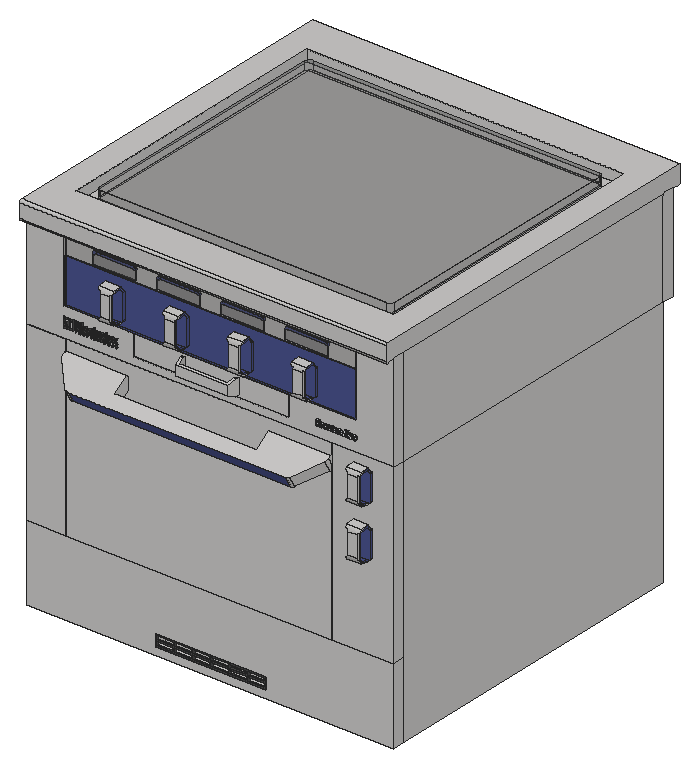
Revit family "QF_ELECTROLUXPROFESSIONAL_588417_MALLFAH8AO", category Attrezzature speciali, Revit 2020
Family settings
  Quota connettore circolare = Usa diametro
  Tipo di parte = Normale
  Basato su piano di lavoro = No
  Sempre verticale = Sì
  Taglio con vuoti quando caricato = No
  Condiviso = No
  Punto di calcolo locali = No
Parameters (values of type "Standard")
  Weight = 208.00 kg
  Watts = 17300 W
  Volts = 400 V
  URL Manufacturer = "https://www.electroluxprofessional.com/"
  URL = "https://www.electroluxprofessional.com/"
  Steam Supply Size = 0"
  Steam Supply Minimum Pressure = 0.00 psi
  Steam Supply Maximum Pressure = 0.00 psi
  Steam Consumption per Hour = 0
  Refrigeration Suction Line Size = 0 mm
  Refrigeration Liquid Line Size = 0 mm
  Refrigerant Compressor Remote = yes
  Prospetto di default = 0 mm
  Phase = 3
  Modello = "MALLFAH8AO"
  Produttore = "Electrolux Professional"
  Length Actual = 800 mm  # constant formula
  Item Number = "588417"
  Hot Water Size = 0"
  Height Actual = 800 mm  # constant formula
  HP = "23.2 HP"
  Gas Size = 0"
  Gas KW = 0
  Gas Input Pressure = 0.0 Btu/h
  Direct Waste Size = 0"
  Descrizione = "EL.SOLID TOP,ST.OV,1S,800X800X800H"
  Depth Actual = 800 mm  # constant formula
  Cycle = 50 Hz
  Condensate Return Size = 0"
  Compressed Air Volume = 0 GPM
  Compressed Air Size = 0"
  Compressed Air Pressure = 0.00 psi
  Cold Water Size = 0"
  Accessory = yes
Reference planes
  plane 1 "BACK": y = 0
  plane 2: z = 0
  plane 3 "LEFT": x = 0
  plane 4 "RIGHT": x = 800
  plane 5 "FRONT": y = -800
  plane 6 "TOP": z = 900
  plane 7 "Center (Left/Right)": x = 400
  plane 8: y = -400
  plane 9: z = 100
  plane 10: y = -150
  plane 11 "Panel": y = -755
  plane 12: z = 798
  plane 13: z = 1327
  plane 14: x = 78
  plane 15: x = 722
  plane 16: y = -150
  plane 17: y = -650
  plane 18 "EIx": x = 755
  plane 19 "EIy": y = -585
Forms (mm)
  Extrusion 1, solid, material "QF_Finishes_Stainless Steel"
    sketch origin (-178.969, -4572, 100) x (-1, 0, 0) y (0, -1, 0)
      loop
        line (-178.969, -4527) -> (-178.969, -3817) -> (-978.969, -3817) -> (-978.969, -4527) -> (-178.969, -4527)
    from 550 to 763
  Extrusion 2, solid, material "QF_Finishes_Stainless Steel"
    sketch origin (0, 0, 0) x (0, 1, 0) y (0, 0, 1)
      loop
        line (-755, 100) -> (-755, 265) -> (-780, 265) -> (-780, 100) -> (-755, 100)
    from 0 to 800
  Extrusion 3, solid, material "QF_Finishes_Stainless Steel"
    sketch origin (-588.969, -4562, 100) x (-1, 0, 0) y (0, -1, 0)
      loop
        circle (-1343.969, -3977) r 6.35
    from 0 to -11.851
  Extrusion 4, solid, material "QF_Finishes_Stainless Steel"
    sketch origin (400, 296.4, 1219.2) x (0, 1, 0) y (0, 0, 1)
      loop
        line (-296.4, -319.2) -> (-1091.4, -319.2)
        arc (-1091.4, -319.2) -> (-1094.935, -320.664) -> (-1096.4, -324.2) r 5
        line (-1096.4, -324.2) -> (-1096.4, -355.2)
        arc (-1096.4, -355.2) -> (-1094.971, -358.264) -> (-1091.705, -359.139) r 4
        line (-1091.705, -359.139) -> (-1076.4, -356.231) -> (-316.4, -356.231) -> (-301.094, -359.139)
        arc (-301.094, -359.139) -> (-297.829, -358.264) -> (-296.4, -355.2) r 4
        line (-296.4, -355.2) -> (-296.4, -319.2)
    from -400 to 400
  Extrusion 5, solid, material "QF_Finishes_Electrolux_Black Smoke Iluminated"
    sketch origin (0, 0, 900) x (-1, 0, 0) y (0, -1, 0)
      loop
        arc (-88, 109) -> (-80.929, 111.929) -> (-78, 119) r 10
        line (-78, 119) -> (-78, 680)
        arc (-78, 680) -> (-80.929, 687.071) -> (-88, 690) r 10
        line (-88, 690) -> (-712, 690)
        arc (-712, 690) -> (-719.071, 687.071) -> (-722, 680) r 10
        line (-722, 680) -> (-722, 119)
        arc (-722, 119) -> (-719.071, 111.929) -> (-712, 109) r 10
        line (-712, 109) -> (-88, 109)
    from 0 to -20
  Extrusion 6, solid, material "QF_Finishes_Stainless Steel"
    sketch origin (-178.969, -4572, 100) x (-1, 0, 0) y (0, -1, 0)
      loop
        line (-178.969, -4527) -> (-178.969, -3817) -> (-978.969, -3817) -> (-978.969, -4527) -> (-178.969, -4527)
    from 550 to 0
  Extrusion 7, void
    sketch origin (0, -755, 0) x (-1, 0, 0) y (0, 0, 1)
      loop
        line (-520, 116.594) -> (-280, 116.594) -> (-280, 141.594) -> (-520, 141.594) -> (-520, 116.594)
    from 0 to -25
  Extrusion 8, solid, material "QF_Finishes_Black"
    sketch origin (0, -755, 0) x (-1, 0, 0) y (0, 0, 1)
      loop
        line (-280, 141.594) -> (-520, 141.594) -> (-520, 116.594) -> (-280, 116.594) -> (-280, 141.594)
      loop
        line (-282, 139.594) -> (-319.131, 139.594) -> (-319.131, 130.094) -> (-282, 130.094) -> (-282, 139.594)
      loop
        line (-282, 118.594) -> (-282, 128.094) -> (-319.131, 128.094) -> (-319.131, 118.594) -> (-282, 118.594)
      loop
        line (-321.131, 139.594) -> (-359.066, 139.594) -> (-359.066, 130.094) -> (-321.131, 130.094) -> (-321.131, 139.594)
      loop
        line (-399, 139.594) -> (-399, 130.094) -> (-361.066, 130.094) -> (-361.066, 139.594) -> (-399, 139.594)
      loop
        line (-401, 139.594) -> (-438.934, 139.594) -> (-438.934, 130.094) -> (-401, 130.094) -> (-401, 139.594)
      loop
        line (-359.066, 118.594) -> (-321.131, 118.594) -> (-321.131, 128.094) -> (-359.066, 128.094) -> (-359.066, 118.594)
      loop
        line (-361.066, 118.594) -> (-361.066, 128.094) -> (-399, 128.094) -> (-399, 118.594) -> (-361.066, 118.594)
      loop
        line (-401, 128.094) -> (-438.934, 128.094) -> (-438.934, 118.594) -> (-401, 118.594) -> (-401, 128.094)
      loop
        line (-518, 139.594) -> (-518, 130.094) -> (-480.869, 130.094) -> (-480.869, 139.594) -> (-518, 139.594)
      loop
        line (-518, 118.594) -> (-480.869, 118.594) -> (-480.869, 128.094) -> (-518, 128.094) -> (-518, 118.594)
      loop
        line (-478.869, 139.594) -> (-478.869, 130.094) -> (-440.934, 130.094) -> (-440.934, 139.594) -> (-478.869, 139.594)
      loop
        line (-440.934, 118.594) -> (-440.934, 128.094) -> (-478.869, 128.094) -> (-478.869, 118.594) -> (-440.934, 118.594)
    from -25.03 to -20
  Extrusion 9, void
    sketch origin (0, 0, 900) x (-1, 0, 0) y (0, -1, 0)
      loop
        line (-53, 715) -> (-747, 715) -> (-747, 84) -> (-53, 84) -> (-53, 715)
    from 0 to -25
  Extrusion 10, solid, material "QF_Finishes_Stainless Steel"
    sketch origin (0, 0, 900) x (-1, 0, 0) y (0, -1, 0)
      loop
        line (-82, 113) -> (-82, 686) -> (-718, 686) -> (-718, 113) -> (-82, 113)
    from -20 to -25
  Extrusion 11, solid, material "QF_Finishes_Stainless Steel"
    sketch origin (400, 296.4, 1219.169) x (0, 1, 0) y (0, 0, 1)
      loop
        line (-341.4, -356.2) -> (-341.4, -569.2) -> (-316.4, -569.2) -> (-316.4, -356.2) -> (-341.4, -356.2)
    from -400 to 400
Cuts and joins
  Extrusion 7 cuts Extrusion 6
  Extrusion 7 cuts Extrusion 2
  Extrusion 9 cuts Extrusion 4
Lines and regions (mm)
  symbolic lines
    curve 1: line (0, 0, 100) -> (800, 0, 100)
    curve 2: line (0, -800, 100) -> (0, 0, 100)
    curve 3: line (800, -800, 100) -> (0, -800, 100)
    curve 4: line (800, 0, 100) -> (800, -800, 100)
    curve 5: line (712, -109, 100) -> (88, -109, 100)
    curve 6: line (78, -119, 100) -> (78, -680, 100)
    curve 7: line (88, -690, 100) -> (712, -690, 100)
    curve 8: line (722, -680, 100) -> (722, -119, 100)
    curve 9: arc (88, -109, 100) -> (80.929, -111.929, 100) -> (78, -119, 100) r 10
    curve 10: arc (722, -119, 100) -> (719.071, -111.929, 100) -> (712, -109, 100) r 10
    curve 11: arc (712, -690, 100) -> (719.071, -687.071, 100) -> (722, -680, 100) r 10
    curve 12: arc (78, -680, 100) -> (80.929, -687.071, 100) -> (88, -690, 100) r 10
    curve 13: line (747, -84, 900) -> (53, -84, 900)
    curve 14: line (53, -84, 900) -> (53, -715, 900)
    curve 15: line (747, -715, 900) -> (747, -84, 900)
    curve 16: line (53, -715, 900) -> (747, -715, 900)
  model lines, style "SpecialityEquipment"
    curve 17: arc (584, -161, 900) -> (530.967, -289.033, 900) -> (659, -236, 900) r 75
    curve 18: line (639, -236, 900) -> (679, -236, 900)
    curve 19: line (679, -236, 900) -> (659, -216, 900)
    curve 20: line (639, -236, 900) -> (659, -216, 900)
    curve 21: arc (216, -161, 900) -> (162.967, -289.033, 900) -> (291, -236, 900) r 75
    curve 22: line (271, -236, 900) -> (311, -236, 900)
    curve 23: line (311, -236, 900) -> (291, -216, 900)
    curve 24: line (271, -236, 900) -> (291, -216, 900)
    curve 25: arc (584, -489, 900) -> (530.967, -617.033, 900) -> (659, -564, 900) r 75
    curve 26: line (639, -564, 900) -> (679, -564, 900)
    curve 27: line (679, -564, 900) -> (659, -544, 900)
    curve 28: line (639, -564, 900) -> (659, -544, 900)
    curve 29: arc (216, -489, 900) -> (162.967, -617.033, 900) -> (291, -564, 900) r 75
    curve 30: line (271, -564, 900) -> (311, -564, 900)
    curve 31: line (311, -564, 900) -> (291, -544, 900)
    curve 32: line (271, -564, 900) -> (291, -544, 900)
Dimensions and locks
  plane 3 "LEFT" to plane 4 "RIGHT" = 800 mm
  plane 5 "FRONT" to plane 1 "BACK" = 800 mm
  equal spacing: plane 3 "LEFT", plane 7 "Center (Left/Right)", plane 4 "RIGHT"
  equal spacing: plane 5 "FRONT", plane 8, plane 1 "BACK"
  plane 6 "TOP" to level = 900 mm  (x2)
  plane 9 to level = 100 mm
  plane 1 "BACK" to plane 10 to plane 11 "Panel" = 150 mm, 605 mm  (x2)
  plane 6 "TOP" to plane 9 to level = 800 mm, 100 mm
  plane 1 "BACK" to plane 5 "FRONT" = 800 mm
  plane 1 "BACK" to Extrusion 3 = 585 mm
  plane 12 to plane 9 = 698 mm
  plane 13 to plane 6 "TOP" = 427 mm
  plane 6 "TOP" to plane 12 = 102 mm
  plane 14 to plane 3 "LEFT" = 78 mm
  plane 15 to plane 4 "RIGHT" = 78 mm
  locked: plane 1 "BACK" to plane 16 at 150
  locked: plane 16 to plane 17 at 500
  plane 11 "Panel" to plane 5 "FRONT" = 45 mm
  plane 18 "EIx" to plane 4 "RIGHT" = 45 mm
  plane 19 "EIy" to plane 1 "BACK" = 585 mm
  aligned and locked: level to plane 2
  aligned and locked: Extrusion 2 to plane 4 "RIGHT"
  aligned and locked: plane 3 "LEFT" to nested 1
  aligned and locked: nested 1 to nested 4
  aligned and locked: cut or joined group of Extrusion 2, Extrusion 7 to nested 1
Automatic sketch dimensions
  Extrusion 2 sketch curve to plane 9 = 0 mm
  Extrusion 2 sketch curve to plane 11 "Panel" = 0 mm
  Extrusion 2 sketch curve to plane 5 "FRONT" = 20 mm
  plane 9 to Extrusion 2 sketch curve = 165 mm
  Extrusion 3 sketch curve to plane 18 "EIx" = 0 mm
  Extrusion 3 sketch curve to plane 19 "EIy" = 0 mm
  Extrusion 4 sketch curve to plane 5 "FRONT" = 0 mm
  Extrusion 4 sketch curve to plane 6 "TOP" = 0 mm
  Extrusion 4 sketch curve to plane 1 "BACK" = 0 mm
  Extrusion 4 sketch curve to plane 5 "FRONT" = 4 mm
  Extrusion 4 sketch curve to Extrusion 4 sketch curve = 0.695 mm
  Extrusion 4 sketch curve to plane 5 "FRONT" = 5 mm
  Extrusion 4 sketch curve to Extrusion 4 sketch curve = 15.305 mm
  plane 1 "BACK" to Extrusion 4 sketch curve = 20 mm
  plane 1 "BACK" to Extrusion 4 sketch curve = 4.695 mm
  Extrusion 4 sketch curve to Extrusion 4 sketch curve = 4 mm
  Extrusion 4 sketch curve to Extrusion 4 sketch curve = 31 mm
  Extrusion 4 sketch curve to plane 6 "TOP" = 36 mm
  Extrusion 4 sketch curve to Extrusion 4 sketch curve = 2.909 mm
  Extrusion 5 sketch curve to plane 15 = 0 mm
  Extrusion 5 sketch curve to plane 14 = 0 mm
  plane 15 to Extrusion 5 sketch curve = 10 mm  (x2)
  Extrusion 5 sketch curve to Extrusion 5 sketch curve = 10 mm  (x2)
  plane 10 to Extrusion 5 sketch curve = 41 mm
  plane 17 to Extrusion 5 sketch curve = 30 mm
  plane 9 to Extrusion 7 sketch curve = 41.594 mm
  plane 7 "Center (Left/Right)" to Extrusion 7 sketch curve = 120 mm
  Extrusion 7 sketch curve to plane 7 "Center (Left/Right)" = 120 mm
  plane 9 to Extrusion 7 sketch curve = 16.594 mm
  plane 9 to Extrusion 8 sketch curve = 41.594 mm
  plane 7 "Center (Left/Right)" to Extrusion 8 sketch curve = 120 mm
  Extrusion 8 sketch curve to Extrusion 8 sketch curve = 2 mm  (x15)
  Extrusion 8 sketch curve to Extrusion 8 sketch curve = 0 mm  (x16)
  Extrusion 8 sketch curve to Extrusion 8 sketch curve = 37.131 mm  (x2)
  Extrusion 8 sketch curve to Extrusion 8 sketch curve = 37.934 mm  (x3)
  plane 7 "Center (Left/Right)" to Extrusion 8 sketch curve = 1 mm  (x2)
  Extrusion 8 sketch curve to plane 7 "Center (Left/Right)" = 1 mm  (x2)
  plane 9 to Extrusion 8 sketch curve = 18.594 mm  (x4)
  Extrusion 8 sketch curve to Extrusion 8 sketch curve = 9.5 mm  (x6)
  plane 18 "EIx" to Extrusion 9 sketch curve = 8 mm
  plane 14 to Extrusion 9 sketch curve = 25 mm
  plane 10 to Extrusion 9 sketch curve = 66 mm
  plane 11 "Panel" to Extrusion 9 sketch curve = 40 mm
  Extrusion 10 sketch curve to plane 14 = 4 mm
  plane 15 to Extrusion 10 sketch curve = 4 mm
  plane 17 to Extrusion 10 sketch curve = 36 mm
  plane 10 to Extrusion 10 sketch curve = 37 mm
  Extrusion 1 sketch curve to plane 4 "RIGHT" = 0 mm
  Extrusion 1 sketch curve to plane 3 "LEFT" = 0 mm
  Extrusion 1 sketch curve to plane 11 "Panel" = 0 mm
  plane 1 "BACK" to Extrusion 1 sketch curve = 45 mm
  plane 1 "BACK" to curve 1 = 0 mm
  curve 1 to plane 4 "RIGHT" = 0 mm
  curve 8 to plane 15 = 0 mm
  curve 6 to plane 14 = 0 mm
  curve 2 to plane 3 "LEFT" = 0 mm
  plane 5 "FRONT" to curve 3 = 0 mm
  plane 15 to curve 5 = 10 mm
  curve 11 to curve 11 = 10 mm
  curve 5 to plane 14 = 10 mm
  curve 12 to curve 6 = 10 mm
  plane 10 to curve 5 = 41 mm
  plane 17 to curve 11 = 30 mm
  Extrusion 6 sketch curve to plane 4 "RIGHT" = 0 mm
  Extrusion 6 sketch curve to plane 3 "LEFT" = 0 mm
  Extrusion 6 sketch curve to plane 11 "Panel" = 0 mm
  plane 1 "BACK" to Extrusion 6 sketch curve = 45 mm
  curve 20 to curve 17 = 55 mm
  curve 26 to curve 25 = 55 mm
  curve 19 to curve 18 = 20 mm
  curve 26 to curve 27 = 20 mm
  curve 18 to curve 19 = 20 mm
  plane 18 "EIx" to curve 13 = 8 mm
  curve 31 to plane 7 "Center (Left/Right)" = 89 mm
  curve 23 to plane 7 "Center (Left/Right)" = 89 mm
  curve 22 to curve 24 = 20 mm
  curve 30 to curve 31 = 20 mm
  curve 23 to curve 22 = 20 mm
  curve 31 to curve 30 = 20 mm
  curve 22 to curve 21 = 55 mm
  curve 30 to curve 29 = 55 mm
  plane 14 to curve 14 = 25 mm
  plane 10 to curve 13 = 66 mm
  plane 11 "Panel" to curve 16 = 40 mm
  curve 29 to curve 30 = 20 mm
  curve 27 to curve 26 = 40 mm
  curve 25 to curve 26 = 20 mm
  plane 15 to curve 19 = 43 mm
  curve 17 to curve 18 = 20 mm
  curve 21 to curve 22 = 20 mm
  Extrusion 11 sketch curve to Extrusion 11 sketch curve = 25 mm
  plane 1 "BACK" to Extrusion 11 sketch curve = 20 mm
  Extrusion 11 sketch curve to plane 12 = 148.031 mm
  Extrusion 11 sketch curve to plane 6 "TOP" = 37.031 mm
  plane 19 "EIy" to curve 27 = 21 mm
  plane 15 to curve 27 = 43 mm
  curve 23 to plane 10 = 66 mm
  curve 19 to plane 10 = 66 mm
  plane 19 "EIy" to curve 32 = 41 mm
  radius of Extrusion 3 sketch curve = 6.35 mm
Nested families
  nested 1: "Door_Panel_W800_A" at (300, -755, 0), type "Door_Panel_W800_A"
  nested 2: "FIT Range Control Handle" at (730, -783.167, -372.751), type "FIT Range Control Handle"
  nested 3: "FIT Range Control Handle" at (730, -783.167, -484.751), type "FIT Range Control Handle"
  nested 4: "Front_Panel_W800_Four Knobs" at (202.376, -755, 0), type "Front_Panel_W800_Four Knobs"
Connectors
  electrical at (755, -585, 88.149)
    settings: on Extrusion 3, index 1, voltage 400 V, apparent load 33000 VA, apparent load phase1 0 VA, apparent load phase2 0 VA, apparent load phase3 0 VA, power factor 1, load classification "Other", number of poles 1, system type 30, power factor state 1, is connector primary yes, connector utility no, sub classification motor no, connector description "ELECTRICAL CONNECTION"
Definition of nested family "Door_Panel_W800_A"
  Parameters
    Default Elevation = 0 mm
  Reference planes
    plane 1 "Center (Front/Back)": y = 0
    plane 2 "Ref. Level": z = 0
    plane 3: x = 500
    plane 4: x = -300
    plane 5 "Center (Left/Right)": x = 100
    plane 6: x = -215
    plane 7: x = 365
    plane 8 "Manopola": through (-6096, -50.059, 612.389) normal (0, -0.515, 0.8572)
    plane 9 "Top": z = 650
    plane 10: z = 265
    plane 11: z = 200
  Forms (mm)
    Extrusion 1, solid
      sketch origin (100, 0, 0) x (0, 1, 0) y (0, 0, 1)
        loop
          line (-25.03, 650) -> (-25.03, 265) -> (0, 265) -> (0, 650) -> (-25.03, 650)
      from 265 to 400
    Extrusion 2, solid
      sketch origin (100, 0, 0) x (0, 1, 0) y (0, 0, 1)
        loop
          line (-25.03, 650) -> (-25.03, 265) -> (0, 265) -> (0, 650) -> (-25.03, 650)
      from -400 to -315
    Extrusion 3, solid
      sketch origin (100, 0, 0) x (0, 1, 0) y (0, 0, 1)
        loop
          line (-25.03, 650) -> (-25.03, 265) -> (0, 265) -> (0, 650) -> (-25.03, 650)
      from -315 to 265
    Extrusion 4, solid
      sketch origin (0, -283.633, 472.044) x (0, 0.857167, 0.515038) y (-1, 0, 0)
        loop
          line (299.12, -365) -> (299.12, 215) -> (290.982, 215)
          arc (290.982, 215) -> (286.677, 214.026) -> (283.211, 211.293) r 10
          line (283.211, 211.293) -> (233.28, 170.86)
          arc (233.28, 170.86) -> (230.548, 167.394) -> (229.574, 163.089) r 10
          line (229.574, 163.089) -> (229.574, -313.089)
          arc (229.574, -313.089) -> (230.548, -317.394) -> (233.28, -320.86) r 10
          line (233.28, -320.86) -> (283.211, -361.293)
          arc (283.211, -361.293) -> (286.677, -364.026) -> (290.982, -365) r 10
          line (290.982, -365) -> (299.12, -365)
      from -27 to 0
    Extrusion 5, void
      sketch origin (100, 0, 0) x (0, 1, 0) y (0, 0, 1)
        loop
          line (-61.514, 605.507) -> (-47.608, 582.363) -> (-25.03, 595.93) -> (-25.03, 627.429) -> (-61.514, 605.507)
      from -180 to 130
    Extrusion 6, solid, detail levels coarse
      sketch origin (100, 0, 0) x (0, 1, 0) y (0, 0, 1)
        loop
          line (-25.03, 265) -> (-25.03, 650)
          arc (-25.03, 650) -> (-297.266, 537.236) -> (-410.03, 265) r 385
          line (-410.03, 265) -> (-25.03, 265)
      from -315 to 265
  Cuts and joins
    Extrusion 5 cuts Extrusion 4
    joined: Extrusion 3, Extrusion 4
  Lines and regions (mm)
    symbolic lines
      curve 1: line (-207.355, -45.043, 0) -> (-170.86, -83.673, 0)
      curve 2: line (-163.089, -86.85, 0) -> (313.089, -86.85, 0)
      curve 3: line (320.86, -83.673, 0) -> (357.355, -45.043, 0)
      curve 4: arc (-163.089, -86.85, 0) -> (-167.318, -86.101, 0) -> (-170.86, -83.673, 0) r 10.165
      curve 5: arc (313.089, -86.85, 0) -> (317.318, -86.101, 0) -> (320.86, -83.673, 0) r 10.165
      curve 6: line (-215, -45.043, 0) -> (-215, -410.03, 0)
      curve 7: line (-215, -410.03, 0) -> (365, -410.03, 0)
      curve 8: line (365, -410.03, 0) -> (365, -45.03, 0)
  Dimensions and locks
    plane 3 to plane 4 = 800 mm
    plane 4 to plane 3 = 800 mm
    equal spacing: plane 3, plane 5 "Center (Left/Right)", plane 4
    plane 6 to plane 4 = 85 mm
    plane 3 to plane 7 = 135 mm
    plane 11 to level = 200 mm
    plane 10 to plane 11 = 65 mm
    plane 10 to plane 9 "Top" = 385 mm
    plane 9 "Top" to plane 11 = 450 mm
    aligned and locked: plane 3 to Extrusion 1
    aligned and locked: cut or joined group of Extrusion 3, Extrusion 4, Extrusion 5 to plane 6
    aligned and locked: cut or joined group of Extrusion 3, Extrusion 4, Extrusion 5 to plane 7
    aligned and locked: plane 7 to Extrusion 1
    aligned and locked: plane 6 to Extrusion 2
    aligned and locked: Extrusion 2 to plane 4
    aligned and locked: plane 10 to Extrusion 2
    aligned and locked: plane 10 to cut or joined group of Extrusion 3, Extrusion 4, Extrusion 5
    aligned and locked: plane 10 to Extrusion 1
    aligned and locked: Extrusion 6 to plane 6
    aligned and locked: Extrusion 6 to plane 7
  Automatic sketch dimensions
    Extrusion 5 sketch curve to plane 8 "Manopola" = 0 mm  (x2)
    plane 1 "Center (Front/Back)" to Extrusion 5 sketch curve = 61.514 mm
    Extrusion 5 sketch curve to Extrusion 5 sketch curve = 13.906 mm
    plane 1 "Center (Front/Back)" to Extrusion 5 sketch curve = 25.03 mm
    Extrusion 4 sketch curve to plane 7 = 0 mm
    Extrusion 4 sketch curve to plane 6 = 0 mm
    plane 6 to Extrusion 4 sketch curve = 51.911 mm
    plane 7 to Extrusion 4 sketch curve = 44.14 mm
    Extrusion 4 sketch curve to Extrusion 4 sketch curve = 3.707 mm  (x2)
    plane 6 to Extrusion 4 sketch curve = 44.14 mm
    plane 7 to Extrusion 4 sketch curve = 3.707 mm
    Extrusion 4 sketch curve to Extrusion 4 sketch curve = 49.93 mm  (x2)
    plane 6 to Extrusion 4 sketch curve = 3.707 mm
    Extrusion 4 sketch curve to Extrusion 4 sketch curve = 7.771 mm  (x3)
    Extrusion 4 sketch curve to Extrusion 4 sketch curve = 8.138 mm
    Extrusion 2 sketch curve to plane 1 "Center (Front/Back)" = 0 mm
    Extrusion 3 sketch curve to plane 1 "Center (Front/Back)" = 0 mm
    Extrusion 1 sketch curve to plane 1 "Center (Front/Back)" = 0 mm
    Extrusion 2 sketch curve to plane 9 "Top" = 0 mm
    Extrusion 2 sketch curve to Extrusion 2 sketch curve = 25.03 mm
    Extrusion 3 sketch curve to plane 9 "Top" = 0 mm
    Extrusion 3 sketch curve to Extrusion 3 sketch curve = 25.03 mm
    Extrusion 1 sketch curve to plane 9 "Top" = 0 mm
    plane 1 "Center (Front/Back)" to Extrusion 1 sketch curve = 25.03 mm
    level to Extrusion 1 sketch curve = 265 mm
    level to Extrusion 2 sketch curve = 265 mm
    level to Extrusion 3 sketch curve = 265 mm
    plane 10 to Extrusion 6 sketch curve = 0 mm
    Extrusion 6 sketch curve to plane 9 "Top" = 0 mm
    plane 1 "Center (Front/Back)" to Extrusion 6 sketch curve = 25.03 mm
    curve 7 to plane 7 = 0 mm
    plane 6 to curve 1 = 44.14 mm
    curve 4 to curve 4 = 7.389 mm
    curve 4 to curve 2 = 7.771 mm
    plane 7 to curve 2 = 51.911 mm
    curve 2 to curve 5 = 0.382 mm
    curve 2 to curve 3 = 7.771 mm
    plane 1 "Center (Front/Back)" to curve 6 = 410.03 mm
    plane 1 "Center (Front/Back)" to curve 2 = 86.85 mm
    curve 2 to curve 3 = 3.177 mm
    curve 2 to curve 1 = 3.177 mm
    plane 7 to curve 3 = 7.645 mm
    plane 1 "Center (Front/Back)" to curve 3 = 45.043 mm
    curve 3 to curve 8 = 0.013 mm
    curve 7 to plane 6 = 0 mm
    curve 6 to curve 1 = 7.645 mm
    plane 1 "Center (Front/Back)" to curve 1 = 45.043 mm
    curve 6 to curve 1 = 0 mm
Definition of nested family "FIT Range Control Handle"
  Parameters
    Default Elevation = 0 mm
  Reference planes
    plane 1 "Center (Front/Back)": y = 0
    plane 2: z = 0
    plane 3 "Center (Left/Right)": x = 0
    plane 4: z = 971.092
    plane 5: y = -16.8
  Forms (mm)
    Extrusion 1, solid
      sketch origin (-746.28, 380.497, 208.931) x (-1, 0, 0) y (0, 0, 1)
        loop
          line (-770.101, 786.798) -> (-770.101, 731.649)
          arc (-770.101, 731.649) -> (-769.759, 730.563) -> (-768.855, 729.87) r 1.893
          line (-768.855, 729.87) -> (-763.474, 727.911) -> (-729.81, 727.911) -> (-724.428, 729.87)
          arc (-724.428, 729.87) -> (-723.525, 730.563) -> (-723.183, 731.649) r 1.893
          line (-723.183, 731.649) -> (-723.183, 786.798)
          arc (-723.183, 786.798) -> (-723.529, 787.894) -> (-724.44, 788.593) r 1.91
          line (-724.44, 788.593) -> (-729.683, 790.819) -> (-763.601, 790.819) -> (-768.844, 788.593)
          arc (-768.844, 788.593) -> (-769.755, 787.894) -> (-770.101, 786.798) r 1.91
      from -382.35 to -378.852
    Sweep 2, solid
      path origin (-746.788, 380.496, 208.091) x (0, -1, 0) y (0, 0, 1)
        loop
          line (379.775, 793.281) -> (395.661, 791.048)
          arc (395.661, 791.048) -> (397.781, 787.377) -> (398.517, 783.202) r 12.207
          line (398.517, 783.202) -> (398.517, 737.368)
          arc (398.517, 737.368) -> (397.781, 733.193) -> (395.661, 729.522) r 12.207
          line (395.661, 729.522) -> (379.775, 727.289)
      profile origin (-746.788, -7.222, 1000.256) x (0, -0.139173, 0.990268) y (-1, 0, 0)
        loop
          line (0.782, -763.123) -> (0.782, -730.907) -> (-1.322, -730.907) -> (-1.322, -763.123) -> (0.782, -763.123)
    Sweep 3, solid
      path origin (-746.788, 380.715, 207.832) x (0, -1, 0) y (0, 0, 1)
        loop
          line (380.478, 795.442) -> (397.218, 793.09)
          arc (397.218, 793.09) -> (399.929, 788.473) -> (400.871, 783.202) r 15.207
          line (400.871, 783.202) -> (400.871, 737.584)
          arc (400.871, 737.584) -> (399.914, 732.274) -> (397.164, 727.633) r 15.207
          line (397.164, 727.633) -> (380.601, 725.305)
      profile origin (-746.788, -8.132, 1002.099) x (0, -0.139173, 0.990268) y (-1, 0, 0)
        loop
          line (0.782, -763.123) -> (0.782, -730.907) -> (-1.322, -730.907) -> (-1.322, -763.123) -> (0.782, -763.123)
    Extrusion 4, void
      sketch origin (889.253, 220.666, 207.993) x (1, 0, 0) y (0, 0, 1)
        loop
          line (-943.038, 816.854) -> (-943.038, 703.686) -> (-899.466, 734.196) -> (-899.466, 786.344) -> (-943.038, 816.854)
      from 230.636 to 242.25
    Extrusion 5, void
      sketch origin (-888.8, 220.666, 207.993) x (-1, 0, 0) y (0, 0, -1)
        loop
          line (-943.038, -816.854) -> (-899.466, -786.344) -> (-899.466, -734.196) -> (-943.038, -703.686) -> (-943.038, -816.854)
      from 230.636 to 242.25
    Extrusion 6, solid
      sketch origin (0, 0, 0) x (1, 0, 0) y (0, 0, 1)
        loop
          circle (0, 971.092) r 7.736
      from -3.137 to -1.645
  Cuts and joins
    Extrusion 4, Extrusion 5 cuts Sweep 3
    Extrusion 4, Extrusion 5 cuts Sweep 2
    joined: Extrusion 1, Extrusion 6
  Lines and regions (mm)
    symbolic lines
      curve 1: line (-15.881, -19.189, 0) -> (-15.881, -16.8, 0)
      curve 2: line (16.334, -19.189, 0) -> (16.334, -16.8, 0)
      curve 3: spline (-15.881, -19.189, 0) -> (-15.417, -19.349, 0) -> (-14.951, -19.501, 0) -> (-14.483, -19.646, 0) -> (-14.014, -19.783, 0) -> (-13.543, -19.912, 0) -> (-13.071, -20.033, 0) -> (-12.597, -20.146, 0) -> (-12.122, -20.251, 0) -> (-11.646, -20.349, 0) -> (-11.169, -20.438, 0) -> (-10.691, -20.52, 0) -> (-10.213, -20.593, 0)
      curve 4: spline (10.666, -20.593, 0) -> (11.144, -20.52, 0) -> (11.622, -20.438, 0) -> (12.099, -20.349, 0) -> (12.575, -20.251, 0) -> (13.05, -20.146, 0) -> (13.524, -20.033, 0) -> (13.996, -19.912, 0) -> (14.467, -19.783, 0) -> (14.936, -19.646, 0) -> (15.404, -19.501, 0) -> (15.87, -19.349, 0) -> (16.334, -19.189, 0)
      curve 5: line (-10.213, -20.938, 0) -> (10.716, -20.938, 0)
  Dimensions and locks
    cut or joined group of Sweep 3, Extrusion 4, Extrusion 5 to cut or joined group of Sweep 3, Extrusion 4, Extrusion 5 = 71.686 mm
Definition of nested family "Front_Panel_W800_Four Knobs"
  Parameters
    Default Elevation = 0 mm
  Reference planes
    plane 1 "Center (Front/Back)": y = 0
    plane 2: z = 0
    plane 3 "Center (Left/Right)": x = 197.624
    plane 4 "Left": x = -202.376
    plane 5 "Right": x = 597.624
    plane 6: y = -45
    plane 7: x = -12.376
    plane 8: x = 127.624
    plane 9: y = -310
    plane 10: y = -25
    plane 11: x = 517.624
    plane 12: x = -122.376
  Forms (mm)
    Extrusion 1, solid
      sketch origin (833.217, 829.203, -1.25) x (0, 1, 0) y (0, 0, 1)
        loop
          line (-854.203, 651.25) -> (-829.203, 651.25) -> (-829.203, 864.25) -> (-854.203, 864.25) -> (-854.203, 651.25)
      from -1035.593 to -235.593
    Extrusion 2, void
      sketch origin (0, 0, 0) x (1, 0, 0) y (0, 0, 1)
        loop
          line (-122.376, 853.866) -> (-122.376, 711.866) -> (517.624, 711.866) -> (517.624, 853.866) -> (-122.376, 853.866)
      from 19.387 to 33.951
    Extrusion 3, void
      sketch origin (0, 0, 0) x (1, 0, 0) y (0, 0, 1)
        loop
          line (30.124, 711.866) -> (30.124, 666.866) -> (370.124, 666.866) -> (370.124, 711.866) -> (30.124, 711.866)
      from 19.387 to 25
    Extrusion 4, solid
      sketch origin (0, 0, 0) x (1, 0, 0) y (0, 0, 1)
        loop
          line (31.124, 710.866) -> (31.124, 667.866) -> (369.124, 667.866) -> (369.124, 710.866) -> (31.124, 710.866)
      from 19.387 to 25
    Extrusion 5, solid
      sketch origin (0, 0, 0) x (1, 0, 0) y (0, 1, 0)
        loop
          line (141.059, -25) -> (135.966, -25) -> (140.646, -49.075) -> (254.603, -49.075) -> (259.283, -25) -> (254.189, -25) -> (250.481, -44.075) -> (144.767, -44.075) -> (141.059, -25)
      from 672.593 to 705.67
    Extrusion 6, void
      sketch origin (197.624, 0, 0) x (0, 1, 0) y (0, 0, 1)
        loop
          line (-30, 705.67) -> (-30, 710.67) -> (-56.744, 710.67) -> (-56.744, 667.593) -> (-30, 667.593) -> (-30, 672.593) -> (-53.776, 680.318) -> (-53.776, 697.945) -> (-30, 705.67)
      from -70 to 70
    Extrusion 7, solid, detail levels coarse
      sketch origin (0, -265, 0) x (1, 0, 0) y (0, 1, 0)
        loop
          line (140.646, -69.075) -> (254.603, -69.075) -> (259.283, -45) -> (364.124, -45) -> (364.124, 240) -> (31.124, 240) -> (31.124, -45) -> (135.966, -45) -> (140.646, -69.075)
      from 672.593 to 705.67
    Extrusion 8, void
      sketch origin (197.624, -280, 0) x (0, 1, 0) y (0, 0, 1)
        loop
          line (-30, 705.67) -> (-30, 710.67) -> (-56.744, 710.67) -> (-56.744, 667.593) -> (-30, 667.593) -> (-30, 672.593) -> (-53.776, 680.318) -> (-53.776, 697.945) -> (-30, 705.67)
      from -70 to 70
  Cuts and joins
    Extrusion 2, Extrusion 3 cuts Extrusion 1
    Extrusion 6, Extrusion 8 cuts Extrusion 5
    Extrusion 8 cuts Extrusion 7
  Lines and regions (mm)
    symbolic lines
      curve 1: line (31.124, -45, 0) -> (31.124, -310, 0)
      curve 2: line (31.124, -310, 0) -> (364.124, -310, 0)
      curve 3: line (135.966, -310, 0) -> (140.646, -334.075, 0)
      curve 4: line (140.646, -334.075, 0) -> (254.603, -334.075, 0)
      curve 5: line (254.603, -334.075, 0) -> (259.283, -310, 0)
      curve 6: line (364.124, -310, 0) -> (364.124, -45, 0)
      curve 7: line (31.124, -300, 0) -> (364.124, -300, 0)
      curve 8: line (140.874, -309.046, 0) -> (144.767, -329.075, 0)
      curve 9: line (144.767, -329.075, 0) -> (250.481, -329.075, 0)
      curve 10: line (250.481, -329.075, 0) -> (254.375, -309.046, 0)
  Dimensions and locks
    equal spacing: plane 5 "Right", plane 3 "Center (Left/Right)", plane 4 "Left"
    plane 5 "Right" to plane 4 "Left" = 800 mm
    plane 3 "Center (Left/Right)" to plane 7 = 210 mm
    plane 3 "Center (Left/Right)" to plane 8 = 70 mm
    plane 6 to plane 9 = 265 mm
    aligned and locked: cut or joined group of Extrusion 1, Extrusion 2, Extrusion 3 to plane 4 "Left"
    aligned and locked: plane 5 "Right" to cut or joined group of Extrusion 1, Extrusion 2, Extrusion 3
    aligned and locked: plane 3 "Center (Left/Right)" to nested 2
    aligned and locked: cut or joined group of Extrusion 1, Extrusion 2, Extrusion 3 to nested 2
  Automatic sketch dimensions
    plane 7 to Extrusion 3 sketch curve = 42.5 mm
    plane 3 "Center (Left/Right)" to Extrusion 3 sketch curve = 172.5 mm
    level to Extrusion 3 sketch curve = 666.866 mm
    Extrusion 3 sketch curve to Extrusion 3 sketch curve = 45 mm
    plane 7 to Extrusion 4 sketch curve = 43.5 mm
    plane 3 "Center (Left/Right)" to Extrusion 4 sketch curve = 171.5 mm
    level to Extrusion 4 sketch curve = 667.866 mm
    Extrusion 4 sketch curve to Extrusion 4 sketch curve = 43 mm
    plane 8 to Extrusion 5 sketch curve = 8.342 mm
    plane 6 to Extrusion 5 sketch curve = 4.075 mm
    plane 8 to Extrusion 5 sketch curve = 13.021 mm
    Extrusion 5 sketch curve to Extrusion 5 sketch curve = 5.094 mm  (x2)
    Extrusion 5 sketch curve to plane 6 = 0.925 mm
    Extrusion 5 sketch curve to Extrusion 5 sketch curve = 4.122 mm  (x2)
    plane 3 "Center (Left/Right)" to Extrusion 5 sketch curve = 52.857 mm
    Extrusion 5 sketch curve to plane 6 = 20 mm  (x2)
    Extrusion 5 sketch curve to Extrusion 5 sketch curve = 3.708 mm
    plane 6 to Extrusion 6 sketch curve = 11.744 mm
    plane 6 to Extrusion 6 sketch curve = 8.776 mm
    Extrusion 6 sketch curve to plane 6 = 15 mm  (x2)
    level to Extrusion 6 sketch curve = 667.593 mm
    Extrusion 6 sketch curve to Extrusion 6 sketch curve = 5 mm
    Extrusion 6 sketch curve to Extrusion 6 sketch curve = 12.725 mm  (x2)
    Extrusion 6 sketch curve to Extrusion 6 sketch curve = 17.627 mm
    Extrusion 6 sketch curve to Extrusion 6 sketch curve = 7.725 mm
    Extrusion 8 sketch curve to plane 9 = 26.744 mm
    Extrusion 8 sketch curve to plane 9 = 23.776 mm
    plane 9 to Extrusion 8 sketch curve = 0 mm  (x2)
    level to Extrusion 8 sketch curve = 667.593 mm
    Extrusion 8 sketch curve to Extrusion 8 sketch curve = 5 mm
    Extrusion 8 sketch curve to Extrusion 8 sketch curve = 12.725 mm  (x2)
    Extrusion 8 sketch curve to Extrusion 8 sketch curve = 17.627 mm
    Extrusion 8 sketch curve to Extrusion 8 sketch curve = 7.725 mm
    plane 9 to Extrusion 7 sketch curve = 0 mm  (x2)
    plane 7 to Extrusion 7 sketch curve = 43.5 mm
    plane 8 to Extrusion 7 sketch curve = 8.342 mm
    Extrusion 7 sketch curve to plane 9 = 24.075 mm
    plane 8 to Extrusion 7 sketch curve = 13.021 mm
    Extrusion 7 sketch curve to Extrusion 7 sketch curve = 104.842 mm
    Extrusion 7 sketch curve to plane 6 = 20 mm
    plane 3 "Center (Left/Right)" to Extrusion 7 sketch curve = 56.979 mm
    Extrusion 7 sketch curve to Extrusion 7 sketch curve = 4.68 mm
    Extrusion 1 sketch curve to plane 1 "Center (Front/Back)" = 0 mm
    level to Extrusion 1 sketch curve = 650 mm
    plane 4 "Left" to Extrusion 2 sketch curve = 80 mm
    Extrusion 2 sketch curve to plane 5 "Right" = 80 mm
    level to Extrusion 2 sketch curve = 711.866 mm
    Extrusion 2 sketch curve to Extrusion 2 sketch curve = 142 mm
    plane 6 to curve 1 = 0 mm
    plane 6 to curve 6 = 0 mm
    plane 9 to curve 1 = 0 mm
    plane 7 to curve 1 = 43.5 mm
    curve 4 to plane 9 = 24.075 mm
    plane 8 to curve 4 = 13.021 mm
    curve 3 to curve 8 = 4.122 mm
    plane 3 "Center (Left/Right)" to curve 4 = 56.979 mm
    curve 4 to curve 2 = 109.521 mm
    plane 8 to curve 3 = 8.342 mm
    curve 3 to curve 8 = 4.908 mm
    curve 9 to curve 4 = 4.122 mm
    curve 10 to plane 9 = 19.075 mm
    curve 9 to curve 5 = 8.801 mm
    plane 9 to curve 10 = 0.954 mm
    curve 10 to curve 5 = 4.908 mm
    curve 3 to curve 8 = 0.954 mm
    curve 1 to curve 7 = 10 mm
    Extrusion 1 sketch curve to plane 6 = 20 mm
    Extrusion 1 sketch curve to Extrusion 1 sketch curve = 213 mm
  Nested families
    nested 1: "Range Control Handle" at (-12.376, -28.137, -209.113) x (-1, 0, 0) z (0, 0, 1), type "Range Control Handle"
    nested 2: "Front glass control panel W800" at (197.624, 280.644, 2.752), type "Front glass control panel W800"
    nested 3: "Range Control Handle" at (127.624, -28.137, -209.113) x (-1, 0, 0) z (0, 0, 1), type "Range Control Handle"
    nested 4: "Range Control Handle" at (407.624, -28.137, -209.113), type "Range Control Handle"
    nested 5: "Range Control Handle" at (267.624, -28.137, -209.113), type "Range Control Handle"
    nested 6: "ELX_ThermaLine_Small" at (468.838, -25, 679.426) x (1, 0, 0) z (0, -1, 0), type "ELX_ThermaLine_Small"
      with Show Logo yes, Material_Logo none
    nested 7: "ELX_Professional_Logo_Small" at (-62.89, -25, 681.659) x (1, 0, 0) z (0, -1, 0), type "ELX_Professional_Logo_Small"
      with Show Logo yes, Material_Logo none
  Definition of nested family "Range Control Handle"
    Parameters
      Default Elevation = 0 mm
    Reference planes
      plane 1 "Center (Front/Back)": y = 0
      plane 2: z = 0
      plane 3 "Center (Left/Right)": x = 0
      plane 4: z = 971.092
      plane 5: y = -16.9
    Forms (mm)
      Extrusion 1, solid
        sketch origin (-746.28, 380.497, 208.931) x (-1, 0, 0) y (0, 0, 1)
          loop
            line (-770.101, 786.798) -> (-770.101, 731.649)
            arc (-770.101, 731.649) -> (-769.759, 730.563) -> (-768.855, 729.87) r 1.893
            line (-768.855, 729.87) -> (-763.474, 727.911) -> (-729.81, 727.911) -> (-724.428, 729.87)
            arc (-724.428, 729.87) -> (-723.525, 730.563) -> (-723.183, 731.649) r 1.893
            line (-723.183, 731.649) -> (-723.183, 786.798)
            arc (-723.183, 786.798) -> (-723.529, 787.894) -> (-724.44, 788.593) r 1.91
            line (-724.44, 788.593) -> (-729.683, 790.819) -> (-763.601, 790.819) -> (-768.844, 788.593)
            arc (-768.844, 788.593) -> (-769.755, 787.894) -> (-770.101, 786.798) r 1.91
        from -382.35 to -378.852
      Sweep 2, solid
        path origin (-746.788, 380.496, 208.091) x (0, -1, 0) y (0, 0, 1)
          loop
            line (379.775, 793.281) -> (395.661, 791.048)
            arc (395.661, 791.048) -> (397.781, 787.377) -> (398.517, 783.202) r 12.207
            line (398.517, 783.202) -> (398.517, 737.368)
            arc (398.517, 737.368) -> (397.781, 733.193) -> (395.661, 729.522) r 12.207
            line (395.661, 729.522) -> (379.775, 727.289)
        profile origin (-746.788, -7.222, 1000.256) x (0, -0.139173, 0.990268) y (-1, 0, 0)
          loop
            line (0.782, -763.123) -> (0.782, -730.907) -> (-1.322, -730.907) -> (-1.322, -763.123) -> (0.782, -763.123)
      Sweep 3, solid
        path origin (-746.788, 380.715, 207.832) x (0, -1, 0) y (0, 0, 1)
          loop
            line (380.478, 795.442) -> (397.218, 793.09)
            arc (397.218, 793.09) -> (399.929, 788.473) -> (400.871, 783.202) r 15.207
            line (400.871, 783.202) -> (400.871, 737.584)
            arc (400.871, 737.584) -> (399.914, 732.274) -> (397.164, 727.633) r 15.207
            line (397.164, 727.633) -> (380.601, 725.305)
        profile origin (-746.788, -8.132, 1002.099) x (0, -0.139173, 0.990268) y (-1, 0, 0)
          loop
            line (0.782, -763.123) -> (0.782, -730.907) -> (-1.322, -730.907) -> (-1.322, -763.123) -> (0.782, -763.123)
      Extrusion 4, void
        sketch origin (889.253, 220.666, 207.993) x (1, 0, 0) y (0, 0, 1)
          loop
            line (-943.038, 816.854) -> (-943.038, 703.686) -> (-899.466, 734.196) -> (-899.466, 786.344) -> (-943.038, 816.854)
        from 230.636 to 242.25
      Extrusion 5, void
        sketch origin (-888.8, 220.666, 207.993) x (-1, 0, 0) y (0, 0, -1)
          loop
            line (-943.038, -816.854) -> (-899.466, -786.344) -> (-899.466, -734.196) -> (-943.038, -703.686) -> (-943.038, -816.854)
        from 230.636 to 242.25
      Extrusion 6, solid
        sketch origin (0, 0, 0) x (1, 0, 0) y (0, 0, 1)
          loop
            circle (0, 971.092) r 7.736
        from -3.137 to -1.645
    Cuts and joins
      Extrusion 4, Extrusion 5 cuts Sweep 3
      Extrusion 4, Extrusion 5 cuts Sweep 2
      joined: Extrusion 1, Extrusion 6
    Lines and regions (mm)
      symbolic lines
        curve 1: line (16.334, -16.9, 0) -> (16.334, -19.227, 0)
        curve 2: spline (16.334, -19.227, 0) -> (15.87, -19.385, 0) -> (15.404, -19.536, 0) -> (14.936, -19.678, 0) -> (14.466, -19.813, 0) -> (13.995, -19.94, 0) -> (13.523, -20.059, 0) -> (13.049, -20.171, 0) -> (12.575, -20.274, 0) -> (12.099, -20.37, 0) -> (11.622, -20.458, 0) -> (11.144, -20.537, 0) -> (10.666, -20.609, 0)
        curve 3: line (10.666, -16.9, 0) -> (10.666, -20.938, 0)
        curve 4: line (-10.213, -20.938, 0) -> (10.666, -20.938, 0)
        curve 5: line (-10.213, -20.938, 0) -> (-10.213, -16.9, 0)
        curve 6: spline (-10.213, -20.609, 0) -> (-10.691, -20.537, 0) -> (-11.169, -20.458, 0) -> (-11.646, -20.37, 0) -> (-12.122, -20.274, 0) -> (-12.597, -20.171, 0) -> (-13.07, -20.059, 0) -> (-13.542, -19.94, 0) -> (-14.013, -19.813, 0) -> (-14.483, -19.678, 0) -> (-14.951, -19.536, 0) -> (-15.417, -19.385, 0) -> (-15.881, -19.227, 0)
        curve 7: line (-15.881, -19.227, 0) -> (-15.881, -16.9, 0)
  Definition of nested family "Front glass control panel W800"
    Parameters
      Default Elevation = 0 mm
    Reference planes
      plane 1 "Center (Front/Back)": y = 0
      plane 2: z = 0
      plane 3 "Center (Left/Right)": x = 0
    Forms (mm)
      Extrusion 1, solid
        sketch origin (378.286, 0, 0.617) x (1, 0, 0) y (0, 0, 1)
          loop
            line (-698.286, 806.791) -> (-698.286, 708.497) -> (-58.286, 708.497) -> (-58.286, 806.791) -> (-698.286, 806.791)
        from 300.031 to 304.8
      Extrusion 2, solid
        sketch origin (378.286, 0, 0.617) x (1, 0, 0) y (0, 0, 1)
          loop
            line (-698.286, 850.497) -> (-698.286, 806.791) -> (-58.286, 806.791) -> (-58.286, 850.497) -> (-698.286, 850.497)
        from 300.031 to 304.8
      Extrusion 3, void
        sketch origin (378.286, 0, 0.617) x (1, 0, 0) y (0, 0, 1)
          loop
            line (-695.628, 847.565) -> (-695.628, 710.699) -> (-61.196, 710.699) -> (-61.196, 847.565) -> (-695.628, 847.565)
        from 303.697 to 304.8
      Extrusion 4, solid
        sketch origin (-378.333, 1.101, -0.633) x (-1, 0, 0) y (0, 0, -1)
          loop
            line (-261.431, -812.62) -> (-355.186, -812.62) -> (-355.186, -834.177) -> (-350.269, -834.177) -> (-348.469, -835.977) -> (-268.039, -835.977) -> (-266.24, -834.177) -> (-261.431, -834.177) -> (-261.431, -812.62)
        from 304.798 to 306.745
      Extrusion 5, solid
        sketch origin (-378.333, 1.101, -0.633) x (-1, 0, 0) y (0, 0, -1)
          loop
            line (-350.269, -834.177) -> (-355.078, -834.177)
            arc (-355.078, -834.177) -> (-353.942, -838.747) -> (-349.686, -840.763) r 5.5
            line (-349.686, -840.763) -> (-266.98, -840.763)
            arc (-266.98, -840.763) -> (-262.706, -838.752) -> (-261.529, -834.177) r 5.549
            line (-261.529, -834.177) -> (-266.24, -834.177) -> (-268.039, -835.977) -> (-348.469, -835.977) -> (-350.269, -834.177)
        from 304.798 to 306.745
      Extrusion 6, solid
        sketch origin (-518.333, 1.101, -0.633) x (-1, 0, 0) y (0, 0, -1)
          loop
            line (-261.431, -812.62) -> (-355.186, -812.62) -> (-355.186, -834.177) -> (-350.269, -834.177) -> (-348.469, -835.977) -> (-268.039, -835.977) -> (-266.24, -834.177) -> (-261.431, -834.177) -> (-261.431, -812.62)
        from 304.798 to 306.745
      Extrusion 7, solid
        sketch origin (-518.333, 1.101, -0.633) x (-1, 0, 0) y (0, 0, -1)
          loop
            line (-350.269, -834.177) -> (-355.078, -834.177)
            arc (-355.078, -834.177) -> (-353.942, -838.747) -> (-349.686, -840.763) r 5.5
            line (-349.686, -840.763) -> (-266.98, -840.763)
            arc (-266.98, -840.763) -> (-262.706, -838.752) -> (-261.529, -834.177) r 5.549
            line (-261.529, -834.177) -> (-266.24, -834.177) -> (-268.039, -835.977) -> (-348.469, -835.977) -> (-350.269, -834.177)
        from 304.798 to 306.745
      Extrusion 8, solid
        sketch origin (378.333, 1.101, -0.633) x (1, 0, 0) y (0, 0, 1)
          loop
            line (-261.431, 812.62) -> (-261.431, 834.177) -> (-266.24, 834.177) -> (-268.039, 835.977) -> (-348.469, 835.977) -> (-350.269, 834.177) -> (-355.186, 834.177) -> (-355.186, 812.62) -> (-261.431, 812.62)
        from 304.798 to 306.745
      Extrusion 9, solid
        sketch origin (378.333, 1.101, -0.633) x (1, 0, 0) y (0, 0, 1)
          loop
            line (-350.269, 834.177) -> (-348.469, 835.977) -> (-268.039, 835.977) -> (-266.24, 834.177) -> (-261.529, 834.177)
            arc (-261.529, 834.177) -> (-262.706, 838.752) -> (-266.98, 840.763) r 5.549
            line (-266.98, 840.763) -> (-349.686, 840.763)
            arc (-349.686, 840.763) -> (-353.942, 838.747) -> (-355.078, 834.177) r 5.5
            line (-355.078, 834.177) -> (-350.269, 834.177)
        from 304.798 to 306.745
      Extrusion 10, solid
        sketch origin (518.333, 1.101, -0.633) x (1, 0, 0) y (0, 0, 1)
          loop
            line (-261.431, 812.62) -> (-261.431, 834.177) -> (-266.24, 834.177) -> (-268.039, 835.977) -> (-348.469, 835.977) -> (-350.269, 834.177) -> (-355.186, 834.177) -> (-355.186, 812.62) -> (-261.431, 812.62)
        from 304.798 to 306.745
      Extrusion 11, solid
        sketch origin (518.333, 1.101, -0.633) x (1, 0, 0) y (0, 0, 1)
          loop
            line (-350.269, 834.177) -> (-348.469, 835.977) -> (-268.039, 835.977) -> (-266.24, 834.177) -> (-261.529, 834.177)
            arc (-261.529, 834.177) -> (-262.706, 838.752) -> (-266.98, 840.763) r 5.549
            line (-266.98, 840.763) -> (-349.686, 840.763)
            arc (-349.686, 840.763) -> (-353.942, 838.747) -> (-355.078, 834.177) r 5.5
            line (-355.078, 834.177) -> (-350.269, 834.177)
        from 304.798 to 306.745
    Cuts and joins
      Extrusion 3 cuts Extrusion 1
      Extrusion 3 cuts Extrusion 2
    Dimensions and locks
      aligned and locked: Extrusion 1 to Extrusion 2
      aligned and locked: Extrusion 5 sketch curve to Extrusion 4  (x5)
      aligned and locked: Extrusion 5 to Extrusion 4
      aligned and locked: Extrusion 7 sketch curve to Extrusion 6  (x5)
      aligned and locked: Extrusion 7 to Extrusion 6
      aligned and locked: Extrusion 9 sketch curve to Extrusion 8  (x4)
      aligned and locked: Extrusion 8 to Extrusion 9 sketch curve
      aligned and locked: Extrusion 9 to Extrusion 8
      aligned and locked: Extrusion 11 sketch curve to Extrusion 10  (x4)
      aligned and locked: Extrusion 10 to Extrusion 11 sketch curve
      aligned and locked: Extrusion 11 to Extrusion 10
  Definition of nested family "ELX_ThermaLine_Small"
    Parameters
      Show Logo [instance] = yes
      Material_Logo [instance] = none
      Default Elevation = 0 mm
    Reference planes
      plane 1 "Centro (Fronte/Retro)": y = 0
      plane 2: z = 0
      plane 3 "Centro (Sinistra/Destra)": x = 0
    Forms (mm)
      Extrusion 1, solid
        sketch origin (0, 0, 0) x (1, 0, 0) y (0, 1, 0)
          loop
            line (-1219.2, 1219.2) -> (-1219.2, -1219.2) -> (1219.2, -1219.2) -> (1219.2, 1219.2) -> (-1219.2, 1219.2)
        from 0 to -304.8
      Extrusion 2, solid
        sketch origin (0, 0, 0) x (1, 0, 0) y (0, 1, 0)
          loop
            line (-37.494, 1.229) -> (-35.908, 1.229) -> (-35.908, 3.066) -> (-37.494, 3.066) -> (-37.494, 6.221) -> (-39.867, 4.881) -> (-39.867, 3.066) -> (-40.969, 3.066) -> (-40.969, 1.229) -> (-39.867, 1.229) -> (-39.867, -3.407)
            arc (-39.867, -3.407) -> (-38.982, -5.513) -> (-36.751, -6.001) r 2.478
            line (-36.751, -6.001) -> (-35.638, -5.7) -> (-35.9, -3.835) -> (-36.661, -4.039)
            arc (-36.661, -4.039) -> (-37.236, -3.924) -> (-37.494, -3.399) r 0.662
            line (-37.494, -3.399) -> (-37.494, 1.229)
          loop
            line (-34.242, 6.539) -> (-34.242, -5.848) -> (-31.854, -5.848) -> (-31.854, -0.078)
            arc (-31.854, -0.078) -> (-30.939, 1.249) -> (-29.33, 1.367) r 1.866
            arc (-29.33, 1.367) -> (-28.695, 0.768) -> (-28.461, -0.073) r 1.627
            line (-28.461, -0.073) -> (-28.461, -5.848) -> (-26.086, -5.848) -> (-26.064, -0.46)
            arc (-26.064, -0.46) -> (-26.261, 0.932) -> (-26.786, 2.237) r 5.825
            arc (-26.786, 2.237) -> (-29.381, 3.264) -> (-31.854, 1.971) r 3.353
            line (-31.854, 1.971) -> (-31.854, 6.539) -> (-34.242, 6.539)
          loop
            arc (-18.398, -0.598) -> (-18.893, 0.879) -> (-20.326, 1.487) r 1.897
            arc (-20.326, 1.487) -> (-21.461, 0.708) -> (-21.897, -0.598) r 2.164
            line (-21.897, -0.598) -> (-18.398, -0.598)
          loop
            arc (-16.021, -2.044) -> (-16.754, 1.227) -> (-19.444, 3.226) r 4.814
            arc (-19.444, 3.226) -> (-22.137, 2.788) -> (-23.943, 0.743) r 4.054
            arc (-23.943, 0.743) -> (-24.382, -1.249) -> (-24.162, -3.276) r 6.289
            arc (-24.162, -3.276) -> (-23.302, -4.71) -> (-21.958, -5.705) r 4.28
            arc (-21.958, -5.705) -> (-18.558, -5.814) -> (-16.152, -3.409) r 4.28
            line (-16.152, -3.409) -> (-18.5, -2.995)
            arc (-18.5, -2.995) -> (-19.273, -3.994) -> (-20.533, -4.076) r 1.536
            arc (-20.533, -4.076) -> (-21.56, -3.281) -> (-21.958, -2.044) r 2.197
            line (-21.958, -2.044) -> (-16.021, -2.044)
          loop
            line (-14.165, -5.848) -> (-11.819, -5.848) -> (-11.819, -2.138)
            arc (-11.819, -2.138) -> (-11.787, -1.156) -> (-11.637, -0.185) r 8.18
            arc (-11.637, -0.185) -> (-10.644, 0.972) -> (-9.132, 0.776) r 1.603
            line (-9.132, 0.776) -> (-8.419, 2.846)
            arc (-8.419, 2.846) -> (-10.432, 3.118) -> (-11.994, 1.821) r 2.527
            line (-11.994, 1.821) -> (-11.994, 3.094) -> (-14.165, 3.094) -> (-14.165, -5.848)
          loop
            line (-7.579, 3.094) -> (-7.579, -5.848) -> (-5.178, -5.848) -> (-5.178, -0.756)
            arc (-5.178, -0.756) -> (-4.727, 0.679) -> (-3.417, 1.419) r 2.05
            arc (-3.417, 1.419) -> (-2.499, 0.908) -> (-2.155, -0.085) r 1.471
            line (-2.155, -0.085) -> (-2.155, -5.848) -> (0.23, -5.848) -> (0.23, -1.001)
            arc (0.23, -1.001) -> (0.47, 0.127) -> (1.148, 1.061) r 2.775
            arc (1.148, 1.061) -> (2.225, 1.329) -> (3.05, 0.587) r 1.182
            arc (3.05, 0.587) -> (3.199, -0.019) -> (3.214, -0.642) r 2.894
            line (3.214, -0.642) -> (3.214, -5.848) -> (5.601, -5.848) -> (5.601, 0.261)
            arc (5.601, 0.261) -> (4.87, 2.263) -> (2.976, 3.241) r 2.932
            arc (2.976, 3.241) -> (1.284, 2.973) -> (-0.047, 1.896) r 3.309
            arc (-0.047, 1.896) -> (-1.116, 2.865) -> (-2.506, 3.258) r 3.16
            arc (-2.506, 3.258) -> (-4.105, 2.942) -> (-5.376, 1.92) r 3.419
            line (-5.376, 1.92) -> (-5.376, 3.094) -> (-7.579, 3.094)
          loop
            line (7.583, 0.738) -> (9.702, 0.364)
            arc (9.702, 0.364) -> (11.441, 1.492) -> (12.855, -0.023) r 1.613
            line (12.855, -0.023) -> (9.782, -0.789)
            arc (9.782, -0.789) -> (8.559, -1.346) -> (7.617, -2.305) r 3.687
            arc (7.617, -2.305) -> (7.499, -3.681) -> (7.901, -5.003) r 3.651
            arc (7.901, -5.003) -> (9.107, -5.766) -> (10.515, -6.006) r 3.635
            arc (10.515, -6.006) -> (11.898, -5.697) -> (13.067, -4.895) r 3.734
            line (13.067, -4.895) -> (13.376, -5.848) -> (15.75, -5.848) -> (15.212, -4.193) -> (15.212, 0.38)
            arc (15.212, 0.38) -> (14.897, 1.849) -> (13.818, 2.895) r 2.585
            arc (13.818, 2.895) -> (11.792, 3.442) -> (9.719, 3.11) r 5.005
            arc (9.719, 3.11) -> (8.369, 2.178) -> (7.583, 0.738) r 3.54
          loop
            line (19.723, -5.848) -> (22.233, -5.848) -> (24.854, 6.484) -> (22.345, 6.484) -> (19.723, -5.848)
          loop
            line (24.583, -5.848) -> (26.953, -5.848) -> (28.848, 3.066) -> (26.478, 3.066) -> (24.583, -5.848)
          loop
            line (27.204, 6.484) -> (26.741, 4.305) -> (29.111, 4.305) -> (29.575, 6.484) -> (27.204, 6.484)
          loop
            line (29.355, -5.848) -> (31.849, -5.848) -> (33.098, 0.028)
            arc (33.098, 0.028) -> (34.169, 1.306) -> (35.832, 1.422) r 2.132
            arc (35.832, 1.422) -> (36.324, 0.752) -> (36.383, -0.078) r 1.5
            line (36.383, -0.078) -> (35.157, -5.848) -> (37.536, -5.848) -> (38.936, 0.738)
            arc (38.936, 0.738) -> (38.775, 2.091) -> (37.825, 3.066) r 2.118
            arc (37.825, 3.066) -> (35.392, 3.175) -> (33.295, 1.937) r 4.271
            line (33.295, 1.937) -> (33.535, 3.066) -> (31.25, 3.066) -> (29.355, -5.848)
          loop
            line (42.792, -0.64) -> (46.589, -0.64)
            arc (46.589, -0.64) -> (46.639, 0.124) -> (46.327, 0.823) r 1.589
            arc (46.327, 0.823) -> (45.117, 1.521) -> (43.762, 1.183) r 1.865
            arc (43.762, 1.183) -> (43.141, 0.344) -> (42.792, -0.64) r 3.538
          loop
            line (42.565, -2.138) -> (48.593, -2.138)
            arc (48.593, -2.138) -> (48.58, 0.597) -> (46.983, 2.818) r 4.494
            arc (46.983, 2.818) -> (44.191, 3.28) -> (41.725, 1.891) r 4.26
            arc (41.725, 1.891) -> (40.503, -0.3) -> (40.284, -2.799) r 6.003
            arc (40.284, -2.799) -> (40.959, -4.468) -> (42.377, -5.576) r 3.482
            arc (42.377, -5.576) -> (44.265, -5.961) -> (46.152, -5.576) r 4.823
            arc (46.152, -5.576) -> (47.432, -4.731) -> (48.328, -3.485) r 4.245
            line (48.328, -3.485) -> (46.168, -3.105)
            arc (46.168, -3.105) -> (45.214, -4.072) -> (43.859, -4.181) r 1.953
            arc (43.859, -4.181) -> (42.821, -3.408) -> (42.565, -2.138) r 1.81
          loop
            line (12.868, -1.553) -> (10.216, -2.214)
            arc (10.216, -2.214) -> (9.747, -3.136) -> (10.216, -4.058) r 1.14
            arc (10.216, -4.058) -> (11.537, -4.249) -> (12.614, -3.46) r 1.763
            arc (12.614, -3.46) -> (12.858, -2.522) -> (12.868, -1.553) r 3.97
        from 0 to 1.6
    Dimensions and locks
      aligned and locked: plane 2 to Extrusion 1
      aligned and locked: level to Extrusion 1
  Definition of nested family "ELX_Professional_Logo_Small"
    Parameters
      Show Logo [instance] = yes
      Material_Logo [instance] = none
      Default Elevation = 0 mm
    Reference planes
      plane 1 "Centro (Fronte/Retro)": y = 0
      plane 2: z = 0
      plane 3 "Centro (Sinistra/Destra)": x = 0
    Forms (mm)
      Extrusion 1, solid
        sketch origin (0, 0, 0) x (1, 0, 0) y (0, 1, 0)
          loop
            line (-1219.2, 1219.2) -> (-1219.2, -1219.2) -> (1219.2, -1219.2) -> (1219.2, 1219.2) -> (-1219.2, 1219.2)
        from 0 to -304.8
      Extrusion 2, solid, material <- "Material_Logo"
        sketch origin (15.5, 0, 0) x (1, 0, 0) y (0, 1, 0)
          loop
            spline (-42.99, -1.24) -> (-43.195, -1.231) -> (-43.415, -1.203) -> (-43.642, -1.152) -> (-43.87, -1.074) -> (-44.095, -0.966) -> (-44.309, -0.825) -> (-44.506, -0.647) -> (-44.681, -0.429) -> (-44.828, -0.167) -> (-44.94, 0.142) -> (-45.011, 0.501) -> (-45.037, 0.915)
            line (-45.037, 0.915) -> (-45.037, 2.748) -> (-38.984, 2.748) -> (-38.984, 5.086) -> (-45.038, 5.086) -> (-45.038, 8.489) -> (-38.599, 8.489) -> (-38.599, 10.82) -> (-47.515, 10.82) -> (-47.515, 1.021)
            spline (-47.515, 1.021) -> (-47.493, 0.418) -> (-47.425, -0.15) -> (-47.311, -0.682) -> (-47.15, -1.175) -> (-46.939, -1.628) -> (-46.678, -2.038) -> (-46.365, -2.404) -> (-46, -2.723) -> (-45.58, -2.995) -> (-45.105, -3.216) -> (-44.573, -3.385) -> (-43.983, -3.499)
            line (-43.983, -3.499) -> (-43.01, -3.569) -> (-38.426, -3.569) -> (-38.426, -1.24) -> (-42.99, -1.24)
          loop
            line (-36.666, 4.021) -> (-36.666, -3.573) -> (-34.188, -3.573) -> (-34.188, 10.824) -> (-36.666, 10.824) -> (-36.666, 4.021)
          loop
            spline (-21.915, 1.897) -> (-21.957, 2.615) -> (-22.082, 3.303) -> (-22.285, 3.955) -> (-22.563, 4.564) -> (-22.913, 5.124) -> (-23.331, 5.629) -> (-23.814, 6.074) -> (-24.359, 6.451) -> (-24.961, 6.755) -> (-25.618, 6.98) -> (-26.326, 7.119) -> (-27.081, 7.167)
            spline (-27.081, 7.167) -> (-27.853, 7.122) -> (-28.586, 6.99) -> (-29.275, 6.774) -> (-29.915, 6.478) -> (-30.5, 6.104) -> (-31.024, 5.657) -> (-31.483, 5.138) -> (-31.871, 4.553) -> (-32.182, 3.904) -> (-32.411, 3.194) -> (-32.552, 2.427) -> (-32.6, 1.606)
            spline (-32.6, 1.606) -> (-32.553, 0.805) -> (-32.416, 0.057) -> (-32.193, -0.637) -> (-31.887, -1.271) -> (-31.504, -1.843) -> (-31.048, -2.35) -> (-30.523, -2.788) -> (-29.934, -3.154) -> (-29.284, -3.444) -> (-28.579, -3.656) -> (-27.822, -3.785) -> (-27.019, -3.829)
            spline (-27.019, -3.829) -> (-26.627, -3.82) -> (-26.239, -3.79) -> (-25.856, -3.739) -> (-25.477, -3.663) -> (-25.103, -3.562) -> (-24.734, -3.432) -> (-24.369, -3.273) -> (-24.01, -3.082) -> (-23.655, -2.858) -> (-23.305, -2.597) -> (-22.96, -2.299) -> (-22.621, -1.962)
            line (-22.621, -1.962) -> (-24.114, -0.509)
            spline (-24.114, -0.509) -> (-24.311, -0.699) -> (-24.509, -0.872) -> (-24.71, -1.03) -> (-24.915, -1.172) -> (-25.126, -1.297) -> (-25.346, -1.407) -> (-25.576, -1.5) -> (-25.817, -1.576) -> (-26.072, -1.636) -> (-26.342, -1.678) -> (-26.629, -1.704) -> (-26.936, -1.713)
